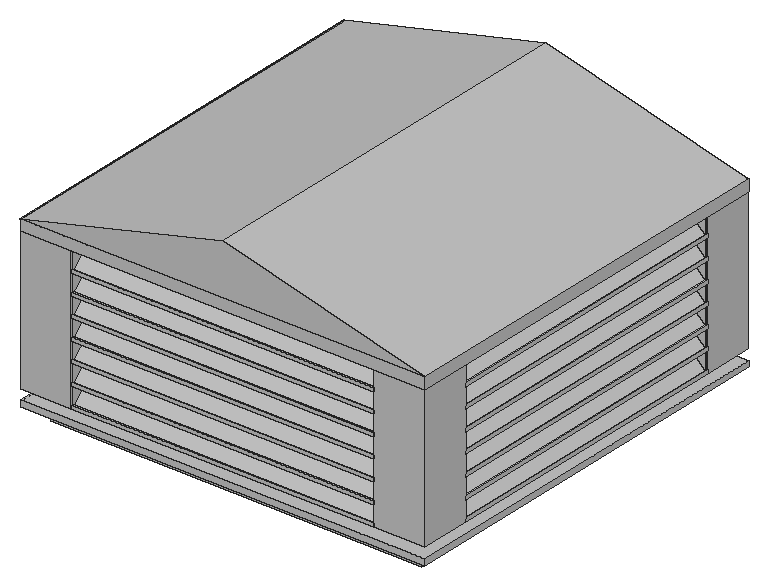
Revit family "Louver-Penthouse-Carnes-Post_Corner-PDBB", category Air Terminals, Revit 2012
Parameters (values of type "(See Type Catalog)")
  ecoScorecard_data = ""
  ecoScorecard Product Page = "http://ecoscorecard.com/"
  URL = "http://www.carnes.com/index.html"
  Subcategory = "Louvers and Dampers"
  Specifications  URL = "http://www.carnes.com/Louvers/pdf/17142.pdf"
  Single Blade Visibility = Louver Height = 10"  # no
  Roof Pitch = if([1 In 12 Pitched Roof], 4.76°, 14.04°)  # 14.04°
  Rectangular Length = no
  Product Page URL = "http://www.carnes.com/Louvers/PDBB.htm"
  Product Line = "Drainable Blade Penthouses"
  Pressure Drop = 0.00 Pa
  Point of Water Penetration = 1250 FPM
  Pitched Roof Visibility = or([1 In 12 Pitched Roof], [3 in 12 Pitched Roof])  # yes
  Outside Width [instance] = Louver Width + (1 1/2" * 2) + (3 1/4" * 2)  # 57 1/2"
  Outside Length [instance] = Length Control + (1 1/2" * 2) + (3 1/4" * 2)  # 57 1/2"
  Multiple Blades Visibility = Louver Height > 10"  # yes
  Model = "PDBB"
  Minimum Size = "12\"W x 12\"L x 10.5\"H"
  Meets Building Code Standards = "See Catalog URL"
  Maximum Size Note = "72\"W x 220\"L x 80\"H, unlimited size with multiple section assembly."
  Manufacturer Phone = "608-845-6411"
  Manufacturer Fax = "608-845-6470"
  Manufacturer Email = "mailto:carnes@carnes.com"
  Manufacturer Address = "448 S. Main St., P. O. Box 930040, Verona, WI 53593-0040"
  Manufacturer = "Carnes Company"
  Louver Width = 48"
  Louver Length = if(Rectangular Length, Custom Length, Louver Width)  # 48"
  Louver Height = 24"
  Height Note = "User should verify available heights in Spec Sheet URL"
  Free Area Note = "See Spec Sheet URL"
  Free Area = 0.00 SF
  Frame Material = Aluminum - Carnes - Extruded
  Flat Roof = no
  Description = "Drainable Blade Penthouses"
  Length Control = if(Rectangular Length, Custom Length, Louver Length)  # 48"
  Custom Length = 220"
  Cost Info = "mailto:carnes@carnes.com"
  Corners Covers Height = if(Louver Height - 1 1/2" - (Blades Quantity * 2 225/256") < 7/8", (Blades Quantity * 2 225/256" - 2 225/256"), (Blades Quantity * 2 225/256"))  # 20 39/256"
  Connector Description 1 = "Duct Connection 1"
  Catalog URL = "http://www.carnes.com/Louvers/pdf/f65-69.pdf"
  Blades Width = Louver Width + (1 1/2" * 2)  # 51"
  Blades Quantity Control = if(Louver Height = 10", 2, if(Louver Height - 1 1/2" - (Blades Quantity * 2 225/256") < 7/8", Blades Quantity - 1, Blades Quantity))  # 7
  Blades Quantity = (Louver Height - 1 1/2") / 2 225/256"  # 8
  Blades Length = Length Control + (1 1/2" * 2)  # 51"
  Blade Material = Aluminum - Carnes - Extruded
  Assembly Code = "D3090700"
  95 CSI = "10200"
  3 in 12 Pitched Roof = yes
  1 In 12 Pitched Roof = no
  04 CSI = "08 91 00"
Reference planes (in)
  plane 1 "Center (Front/Back)": y = 0
  plane 2: z = 0
  plane 3 "Center (Left/Right)": x = 0
  plane 4 "Right": x = 24
  plane 5: y = 24
  plane 6: z = 22.5
  plane 7 "Left": x = -24
  plane 8: y = -24
  plane 9: x = -25.5
  plane 10: x = 25.5
  plane 11: x = -28.75
  plane 12: x = 28.75
  plane 13: y = 25.5
  plane 14: y = -25.5
  plane 15: y = 28.75
  plane 16: y = -28.75
  plane 17: z = 24
Forms (in)
  Sweep 1, solid, material "Aluminum - Carnes - Extruded" <- "Frame Material"
    path origin (0, 0, 0) x (1, 0, 0) y (0, 1, 0)
      loop
        line (-24, 24) -> (-24, -24) -> (24, -24) -> (24, 24) -> (-24, 24)
    profile origin (24, 0, 0) x (1, 0, 0) y (0, 0, 1)
      loop
        line (0, 22.5) -> (0, 0) -> (2.25, 0) -> (2.25, -2) -> (2.375, -2) -> (2.375, 0.125) -> (1.75, 0.125) -> (1.75, 0.75) -> (4.625, 0.75) -> (4.625, 0) -> (4.75, 0) -> (4.75, 0.875) -> (1.625, 0.875) -> (1.625, 22.375) -> (4.75, 22.375) -> (4.75, 24) -> (4.625, 24) -> (4.625, 22.5) -> (0, 22.5)
  Sweep 2, solid, material "Aluminum - Carnes - Extruded" <- "Frame Material", visible <- "Pitched Roof Visibility"
    path origin (0, 0, 0) x (1, 0, 0) y (0, 1, 0)
      loop
        line (0, -28.75) -> (0, 28.75)
    profile origin (0, 0, 0) x (-1, 0, 0) y (0, 0, 1)
      loop
        line (28.75, 24) -> (0, 31.1895) -> (-28.75, 24) -> (28.75, 24)
  Sweep 3, solid, material "Aluminum - Carnes - Extruded" <- "Frame Material", visible <- "Flat Roof"
    path origin (0, 0, 0) x (1, 0, 0) y (0, 0, 1)
      loop
        line (0, 22.5) -> (0, 24)
    profile origin (0, 0, 23.25) x (-1, 0, 0) y (0, -1, 0)
      loop
        line (28.625, -28.625) -> (28.625, 28.625) -> (-28.625, 28.625) -> (-28.625, -28.625) -> (28.625, -28.625)
  Sweep 4, solid, material "Aluminum - Carnes - Extruded"
    path origin (0, 0, 0) x (1, 0, 0) y (0, 0, 1)
      loop
        line (0, 22.375) -> (0, 2.34766)
    profile origin (0, 0, 12.36133) x (0, -1, 0) y (1, 0, 0)
      loop
        line (28.75, -28.75) -> (28.75, -21.5) -> (28.625, -21.5) -> (28.625, -28.625) -> (21.5, -28.625) -> (21.5, -28.75) -> (28.75, -28.75)
      loop
        line (-28.75, -28.75) -> (-21.5, -28.75) -> (-21.5, -28.625) -> (-28.625, -28.625) -> (-28.625, -21.5) -> (-28.75, -21.5) -> (-28.75, -28.75)
      loop
        line (-28.75, 28.75) -> (-28.75, 21.5) -> (-28.625, 21.5) -> (-28.625, 28.625) -> (-21.5, 28.625) -> (-21.5, 28.75) -> (-28.75, 28.75)
      loop
        line (28.75, 28.75) -> (21.5, 28.75) -> (21.5, 28.625) -> (28.625, 28.625) -> (28.625, 21.5) -> (28.75, 21.5) -> (28.75, 28.75)
      loop
        line (-21.5, -21.5) -> (-28.5, -21.5) -> (-28.5, -21.625) -> (-21.625, -21.625) -> (-21.625, -28.5) -> (-21.5, -28.5) -> (-21.5, -21.5)
      loop
        line (-21.5, 21.5) -> (-21.5, 28.5) -> (-21.625, 28.5) -> (-21.625, 21.625) -> (-28.5, 21.625) -> (-28.5, 21.5) -> (-21.5, 21.5)
      loop
        line (21.5, 21.5) -> (28.5, 21.5) -> (28.5, 21.625) -> (21.625, 21.625) -> (21.625, 28.5) -> (21.5, 28.5) -> (21.5, 21.5)
      loop
        line (21.5, -21.5) -> (21.5, -28.5) -> (21.625, -28.5) -> (21.625, -21.625) -> (28.5, -21.625) -> (28.5, -21.5) -> (21.5, -21.5)
Lines and regions (in)
  Masking region 1
    outline origin (0, 0, 0) x (1, 0, 0) y (0, 1, 0)
      loop
        line (-28.75, 28.75) -> (-28.75, -28.75) -> (28.75, -28.75) -> (28.75, 28.75) -> (-28.75, 28.75)
  reference lines
    curve 1: line (-28.75, 0, 24) -> (-7.33248, 0, 29.35587)
    curve 2: line (28.75, 0, 24) -> (7.33248, 0, 29.35587)
  symbolic lines, style "DuctAccessory", visible <- "Pitched Roof Visibility"
    curve 3: line (0, 28.75, 0) -> (0, -28.75, 0)
Dimensions and locks (in)
  equal spacing: plane 7 "Left", plane 3 "Center (Left/Right)", plane 4 "Right"
  "Louver Width": plane 7 "Left" to plane 4 "Right"
  equal spacing: plane 5, plane 1 "Center (Front/Back)", plane 8
  "Length Control": plane 5 to plane 8
  locked: plane 9 to plane 7 "Left" at 1.5
  locked: plane 4 "Right" to plane 10 at 1.5
  plane 13 to plane 5 = 1 1/2"
  plane 14 to plane 8 = 1 1/2"
  locked: plane 10 to Sweep 1 sketch curve at 0.125
  locked: plane 6 to Sweep 1 sketch curve at 0.125
  locked: Sweep 1 sketch curve to plane 12 at 0.125
  locked: plane 17 to plane 6 at 1.5
  "Louver Height": plane 17 to plane 2
  plane 4 "Right" to Sweep 1 sketch curve to Sweep 1 sketch curve = 2 1/4" locked, 1/8" locked
  Sweep 1 sketch curve to Sweep 1 sketch curve to plane 2 = 1/8" locked, 3/4" locked
  locked: plane 12 to Sweep 1 sketch curve at 0.125
  locked: Sweep 3 sketch curve to plane 16 at 0.125
  locked: Sweep 3 sketch curve to plane 12 at 0.125
  locked: plane 11 to Sweep 3 sketch curve at 0.125
  locked: plane 15 to Sweep 3 sketch curve at 0.125
  equal spacing: plane 11, plane 3 "Center (Left/Right)", plane 12
  "Outside Width": plane 11 to plane 12
  equal spacing: plane 15, plane 1 "Center (Front/Back)", plane 16
  "Outside Length": plane 15 to plane 16
  "Corners Covers Height": plane 6 to Sweep 4 sketch curve
  locked: plane 6 to Sweep 4 sketch curve at 0.125
  equal spacing: group 1, group 2, group 3, group 4, group 5, group 6, group 7  (x2)
  equal spacing: group 7, group 6, group 5, group 4, group 3, group 2, group 1
  locked: nested 1 to nested 3 at 2.879
  "Roof Pitch": angle plane 17 to curve 1
  "Roof Pitch": angle curve 2 to plane 17
  aligned and locked: Sweep 1 sketch curve to plane 7 "Left"
  aligned and locked: Sweep 1 sketch curve to plane 4 "Right"  (x2)
  aligned and locked: Sweep 1 sketch curve to plane 5
  aligned and locked: Sweep 1 sketch curve to plane 8
  aligned and locked: plane 2 to Sweep 1 sketch curve
  aligned and locked: Sweep 1 sketch curve to plane 6
  aligned and locked: plane 12 to Sweep 1 sketch curve  (x2)
  aligned and locked: Sweep 1 sketch curve to plane 2
  aligned and locked: Sweep 1 sketch curve to plane 17
  aligned and locked: plane 1 "Center (Front/Back)" to nested 1
  aligned and locked: nested 1 to plane 3 "Center (Left/Right)"
  aligned and locked: plane 15 to Sweep 2 sketch curve
  aligned and locked: plane 16 to Sweep 2 sketch curve
  aligned and locked: Sweep 2 sketch curve to plane 3 "Center (Left/Right)"
  aligned and locked: Sweep 2 sketch curve to plane 17
  aligned and locked: plane 12 to Sweep 2 sketch curve
  aligned and locked: plane 6 to Sweep 3 sketch curve
  aligned and locked: plane 17 to Sweep 3 sketch curve
  aligned and locked: plane 3 "Center (Left/Right)" to Sweep 3 sketch curve
  aligned and locked: plane 11 to curve 1
  aligned and locked: plane 17 to curve 1
  aligned and locked: plane 12 to curve 2
  aligned and locked: curve 2 to plane 17
  aligned and locked: Sweep 2 sketch curve to curve 2
  aligned and locked: Sweep 2 sketch curve to curve 1
  aligned and locked: plane 11 to Masking region 1 sketch curve
  aligned and locked: Masking region 1 sketch curve to plane 12
  aligned and locked: plane 15 to curve 3
  aligned and locked: plane 16 to curve 3
  aligned and locked: curve 3 to plane 3 "Center (Left/Right)"
  aligned and locked: Sweep 4 sketch curve to plane 3 "Center (Left/Right)"
  aligned and locked: plane 1 "Center (Front/Back)" to nested 2
  aligned and locked: nested 2 to plane 3 "Center (Left/Right)"
  aligned and locked: plane 6 to nested 1
  aligned and locked: plane 6 to nested 2
Automatic sketch dimensions
  Sweep 1 sketch curve to Sweep 1 sketch curve = 1/8"
  Sweep 1 sketch curve to level = 2"
  level to Sweep 1 sketch curve = 1/8"
  Masking region 1 sketch curve to plane 16 = 0"
  plane 15 to Masking region 1 sketch curve = 0"
  Sweep 4 sketch curve to plane 1 "Center (Front/Back)" = 28 3/4"  (x2)
  Sweep 4 sketch curve to Sweep 4 sketch curve = 1/8"  (x23)
  Sweep 4 sketch curve to Sweep 4 sketch curve = 6 7/8"  (x6)
  Sweep 4 sketch curve to Sweep 4 sketch curve = 0"  (x7)
  plane 1 "Center (Front/Back)" to Sweep 4 sketch curve = 21 1/2"  (x2)
  Sweep 4 sketch curve to Sweep 4 sketch curve = 7"  (x4)
  profile plane to Sweep 4 sketch curve = 28 3/4"  (x2)
  Sweep 4 sketch curve to profile plane = 21 1/2"  (x2)
Nested families (in)
  nested 1: "Louver-Penthouse-Carnes-Drainable_Blade.rfa" at (0, -0.375, 21.0605), visible <- "Multiple Blades Visibility", type "Standard"
  nested 2: "Louver-Penthouse-Carnes-Drainable_Blade.rfa" at (0, -0.375, 21.0605), visible <- "Single Blade Visibility", type "Standard"
  nested 3: "Louver-Penthouse-Carnes-Drainable_Blade.rfa" at (0, -0.375, 18.1815), visible <- "Multiple Blades Visibility", type "Standard"
  nested 4: "Louver-Penthouse-Carnes-Drainable_Blade.rfa" at (0, -0.375, 15.3025), visible <- "Multiple Blades Visibility", type "Standard"
  nested 5: "Louver-Penthouse-Carnes-Drainable_Blade.rfa" at (0, -0.375, 12.4235), visible <- "Multiple Blades Visibility", type "Standard"
  nested 6: "Louver-Penthouse-Carnes-Drainable_Blade.rfa" at (0, -0.375, 9.5445), visible <- "Multiple Blades Visibility", type "Standard"
  nested 7: "Louver-Penthouse-Carnes-Drainable_Blade.rfa" at (0, -0.375, 6.6655), visible <- "Multiple Blades Visibility", type "Standard"
  nested 8: "Louver-Penthouse-Carnes-Drainable_Blade.rfa" at (0, -0.375, 3.7865), visible <- "Multiple Blades Visibility", type "Standard"
Connectors (in)
  hvac at (0, 0, 0), driven by "Length Control", driven by "Louver Width"
    settings: on Sweep 1, index 1, duct flow 0 CFM, flow factor 0, pres drop 0.00 Pa, loss coef 0, conn angle 0.00°, conn width 48", conn height 48", conn radius 12", duct sys type 1, conn prof type 1, flow config 0, flow direction 0, loss method 0, conn ref index -1, conn util no, is conn primary yes, conn desc ""
Definition of nested family "Louver-Penthouse-Carnes-Drainable_Blade.rfa"
  Parameters (values of type "Standard")
    Width = 51"
    Blade Material = Aluminum - Carnes - Extruded
    Length = 51"
    Assembly Code = ""
  Reference planes (in)
    plane 1 "Center (Front/Back)": y = 0.375
    plane 2: z = 0
    plane 3 "Center (Left/Right)": x = 0
    plane 4: y = 25.875
    plane 5: y = -25.125
    plane 6: z = 2.3125
    plane 7: z = -2.3125
    plane 8: x = -25.5
    plane 9: x = 25.5
  Forms (in)
    Sweep 1, solid, material "Aluminum - Carnes - Extruded" <- "Blade Material"
      path origin (0, 0, 0) x (1, 0, 0) y (0, 1, 0)
        loop
          line (-25.5, 25.875) -> (-25.5, -25.125) -> (25.5, -25.125) -> (25.5, 25.875) -> (-25.5, 25.875)
      profile origin (0, 25.875, 0) x (0, 1, 0) y (0, 0, 1)
        loop
          line (3.25, -1.4395) -> (3.25, -0.9395) -> (3.125, -0.9395) -> (3.125, -1.3145) -> (3.0161, -1.3145) -> (0.3082, 1.3145) -> (0.5, 1.3145) -> (0.5, 1.4395) -> (0, 1.4395) -> (2.96541, -1.4395) -> (3.25, -1.4395)
    Sweep 2, void
      path origin (0, 0.375, 0) x (1, 0, 0) y (0, 0, 1)
        loop
          line (0, 8.6875) -> (0, -8.6875)
      profile origin (0, 0.375, 0) x (0, -1, 0) y (1, 0, 0)
        loop
          line (-29.5, -29.5) -> (-21.5, -29.5) -> (-21.5, -21.5) -> (-29.5, -21.5) -> (-29.5, -29.5)
        loop
          line (-29.5, 29.5) -> (-29.5, 21.5) -> (-21.5, 21.5) -> (-21.5, 29.5) -> (-29.5, 29.5)
        loop
          line (29.5, -29.5) -> (29.5, -21.5) -> (21.5, -21.5) -> (21.5, -29.5) -> (29.5, -29.5)
        loop
          line (29.5, 29.5) -> (21.5, 29.5) -> (21.5, 21.5) -> (29.5, 21.5) -> (29.5, 29.5)
  Cuts and joins
    Sweep 2 cuts Sweep 1
  Dimensions and locks (in)
    equal spacing: plane 7, plane 2, plane 6
    equal spacing: plane 8, plane 3 "Center (Left/Right)", plane 9
    "Width": plane 8 to plane 9
    equal spacing: plane 4, plane 1 "Center (Front/Back)", plane 5
    "Length": plane 4 to plane 5
    locked: plane 6 to plane 7 at 4.625
    equal spacing: Sweep 2 sketch curve, plane 2, Sweep 2 sketch curve, locked at 8.6875 each
    Sweep 2 sketch curve to plane 8 to Sweep 2 sketch curve = 4" locked, 4" locked  (x2)
    Sweep 2 sketch curve to plane 4 to Sweep 2 sketch curve = 4" locked, 4" locked  (x2)
    Sweep 2 sketch curve to plane 9 to Sweep 2 sketch curve = 4" locked, 4" locked  (x2)
    Sweep 2 sketch curve to plane 5 to Sweep 2 sketch curve = 4" locked, 4" locked  (x2)
    locked: Sweep 1 sketch curve to Sweep 1 sketch curve at 0.125
    Sweep 1 sketch curve to Sweep 1 sketch curve to plane 4 = 1/8" locked, 3 1/8" locked
    Sweep 1 sketch curve to Sweep 1 sketch curve to plane 2 = 1/2" locked, 0.9395" locked
    locked: Sweep 1 sketch curve to plane 2 at 1.4395
    locked: Sweep 1 sketch curve to plane 4 at 0.5
    aligned and locked: plane 8 to Sweep 1 sketch curve
    aligned and locked: plane 4 to Sweep 1 sketch curve
    aligned and locked: Sweep 1 sketch curve to plane 9
    aligned and locked: plane 5 to Sweep 1 sketch curve
    aligned and locked: Sweep 2 sketch curve to plane 3 "Center (Left/Right)"
  Automatic sketch dimensions
    plane 7 to Sweep 2 sketch curve = 6 3/8"
    Sweep 1 sketch curve to Sweep 1 sketch curve = 0.1089"
    Sweep 1 sketch curve to Sweep 1 sketch curve = 0.0507"
    Sweep 1 sketch curve to Sweep 1 sketch curve = 0.1918"
    Sweep 1 sketch curve to Sweep 1 sketch curve = 1/8"
